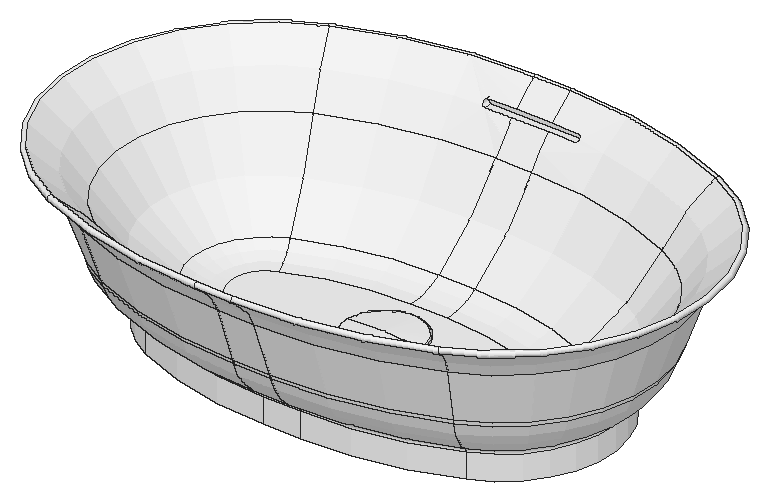
Revit family "Reece_Basin_LAUFEN_The New Classic_Above Counter Basin_550 mm_With Overflow", category Plumbing Fixtures, host Face, Revit 2018
Family settings
  Host = Face
  Round Connector Dimension = Use Diameter
  Part Type = Normal
  Cut with Voids When Loaded = No
  Shared = Yes
  Room Calculation Point = Yes
Parameters
  WFU = 0  # constant formula
  URL = "https://www.reece.com.au/product/-1804851"
  Type Comments = "Basin"
  Reece_Product_Web Page = "https://www.reece.com.au/product/-1804851"
  Reece_Product_Type = "Basin"  # constant formula
  Reece_Product_Sub Brand = "The New Classic"  # constant formula
  Reece_Product_Number = "1804851"
  Reece_Product_Mount = "Above Counter"
  Reece_Product_Description = "LAUFEN The New Classic Above Counter Basin with Overflow 550mm x 380mm"
  Reece_Product_Brand = "LAUFEN"  # constant formula
  Reece_Overall_Width = 550 mm  # constant formula
  Reece_Overall_Length = 380 mm  # constant formula
  Reece_Overall_Height = 145 mm  # constant formula
  Reece_Overall_Capacity = 7.50 L  # constant formula
  Reece_Material-Main = Reece_SaphirKeramik_White
  Reece_Detail_Installation = "Above Counter Basin"  # constant formula
  Reece_Detail_Disclaimer = "THIS FILE IS THE PROPERTY OF THE REECE GROUP. IT MAY NOT BE REPRODUCED, REVERSE-ENGINEERED OR MODIFIED. ANY REPUBLICATION, TRANSMISSION OR DISTRIBUTION FOR THE PURPOSE OF COMMERCIALLY EXPLOITING THE FILES IS PROHIBITED."  # constant formula
  Reece_Detail_Connector = "No Taphole"  # constant formula
  Reece_Detail_Additional = "Overflow"  # constant formula
  Reece_Basin_Outlet = 40 mm  # constant formula
  Model = "The New Classic"
  Manufacturer = "LAUFEN"
  Keynote = "Product #1804851, Reece_Basin_LAUFEN_The New Classic_Above Counter Basin_550 mm_With Overflow -  "
  HWFU = 0  # constant formula
  Disclaimer = "THIS FILE IS THE PROPERTY OF THE REECE GROUP. IT MAY NOT BE REPRODUCED, REVERSE-ENGINEERED OR MODIFIED. ANY REPUBLICATION, TRANSMISSION OR DISTRIBUTION FOR THE PURPOSE OF COMMERCIALLY EXPLOITING THE FILES IS PROHIBITED."  # constant formula
  Description = "LAUFEN The New Classic Above Counter Basin with Overflow 550mm x 380mm"
  Default Elevation = 1000 mm
  CWFU = 0  # constant formula
Types (2, lengths in mm): name | Keynote
  (no name) | "Product #1804851, Reece_Basin_LAUFEN_The New Classic_Above Counter Basin_550 mm_With Overflow -  "
  No Taphole_SaphirKeramik_White | "Product #1804851, Reece_Basin_LAUFEN_The New Classic_Above Counter Basin_550 mm_With Overflow - No Taphole_SaphirKeramik_White"
Reference planes
  plane 1 "Center (Front/Back)": y = -79.125
  plane 2 "Bottom": z = 0
  plane 3 "Center (Left/Right)": x = 0
  plane 4: y = 110.875
  plane 5: x = 275
  plane 6: x = -275
  plane 7: y = -269.125
  plane 8 "Top": z = 145
  plane 9: z = 5
  plane 10: z = 25
Forms (mm)
  Extrusion 1, void
    sketch origin (0, 0, 0) x (1, 0, 0) y (0, 1, 0)
      loop
        circle (0.403, -79.125) r 75
    from -56.848 to 42.32
  Sweep 2, solid, material "Reece_SaphirKeramik_White" <- "Reece_Material-Main"
    path origin (0, 0, 5) x (1, 0, 0) y (0, 1, 0)
      loop
        arc (173.29, -235.744) -> (275, -79.125) -> (173.29, 77.495) r 171.441
        arc (173.29, 77.495) -> (96.523, 102.438) -> (16.247, 110.875) r 386.104
        line (16.247, 110.875) -> (-16.247, 110.875)
        arc (-16.247, 110.875) -> (-96.523, 102.438) -> (-173.29, 77.495) r 386.104
        arc (-173.29, 77.495) -> (-275, -79.125) -> (-173.29, -235.744) r 171.441
        arc (-173.29, -235.744) -> (-96.523, -260.687) -> (-16.247, -269.125) r 386.104
        line (-16.247, -269.125) -> (16.247, -269.125)
        arc (16.247, -269.125) -> (96.523, -260.687) -> (173.29, -235.744) r 386.104
    profile origin (275, -79.125, 5) x (-1, 0, 0) y (0, 0, 1)
      loop
        arc (1.067, 135.706) -> (15.231, 123.492) -> (25.538, 107.887) r 68.104
        arc (25.538, 107.887) -> (35.149, 84.814) -> (42.346, 60.878) r 243.744
        arc (42.346, 60.878) -> (42.831, 59.053) -> (43.384, 57.247) r 50
        arc (43.384, 57.247) -> (55.149, 36.145) -> (73.97, 20.996) r 63.225
        arc (73.97, 20.996) -> (75.918, 19.156) -> (76.637, 16.574) r 5
        line (76.637, 16.574) -> (76.637, -5) -> (152.951, -5) -> (152.951, 18.946) -> (140.346, 18.946)
        arc (140.346, 18.946) -> (124.207, 21.367) -> (109.489, 28.417) r 55
        arc (109.489, 28.417) -> (74.612, 57.708) -> (46.461, 93.511) r 221.606
        arc (46.461, 93.511) -> (27.226, 118.507) -> (3.724, 139.541) r 170.804
        arc (3.724, 139.541) -> (0.415, 138.995) -> (1.067, 135.706) r 2.334
  Extrusion 3, solid, material "Reece_SaphirKeramik_White" <- "Reece_Material-Main"
    sketch origin (0, 0, 5) x (1, 0, 0) y (0, 1, 0)
      loop
        arc (-111.079, -96.017) -> (-64.723, -111.079) -> (-16.247, -116.174) r 233.153
        line (-16.247, -116.174) -> (16.247, -116.174)
        arc (16.247, -116.174) -> (64.723, -111.079) -> (111.079, -96.017) r 233.153
        arc (111.079, -96.017) -> (122.049, -79.125) -> (111.079, -62.233) r 18.491
        arc (111.079, -62.233) -> (64.723, -47.17) -> (16.247, -42.075) r 233.153
        line (16.247, -42.075) -> (-16.247, -42.075)
        arc (-16.247, -42.075) -> (-64.723, -47.17) -> (-111.079, -62.233) r 233.153
        arc (-111.079, -62.233) -> (-122.049, -79.125) -> (-111.079, -96.017) r 18.491
    from -5 to 18.946
  Revolve 4, void
    sketch origin (0, -79.125, 5) x (1, 0, 0) y (0, 0, 1)
      loop
        line (0, -5) -> (0, 20) -> (-32.992, 20)
        arc (-32.992, 20) -> (-27.701, 15.911) -> (-23.598, 10.63) r 26.581
        arc (-23.598, 10.63) -> (-22.344, 7.669) -> (-21.915, 4.482) r 12.071
        line (-21.915, 4.482) -> (-21.915, -5) -> (0, -5)
      axis (0, 20) -> (0, -5)
    angle from 0 to 360
  Extrusion 5, void
    sketch origin (0, -79.125, -2.5) x (1, 0, 0) y (0, 0, 1)
      loop
        arc (-40, 130.108) -> (-42.5, 127.608) -> (-40, 125.108) r 2.5
        line (-40, 125.108) -> (40, 125.108)
        arc (40, 125.108) -> (42.5, 127.608) -> (40, 130.108) r 2.5
        line (40, 130.108) -> (-40, 130.108)
    from -168.355 to -157.712
  Revolve 6, solid, material "Reece_SaphirKeramik_White" <- "Reece_Material-Main"
    sketch origin (170, -79.125, -887.882) x (1, 0, 0) y (0, 0, 1)
      loop
        line (-170, 887.882) -> (-170, 918.149)
        arc (-170, 918.149) -> (-186.184, 917.667) -> (-202.269, 915.812) r 190.453
        arc (-202.269, 915.812) -> (-202.961, 915.424) -> (-203.236, 914.679) r 1.147
        line (-203.236, 914.679) -> (-203.236, 913.198) -> (-199.924, 913.198) -> (-190.773, 908.931) -> (-190.773, 887.882) -> (-170, 887.882)
      axis (-170, 918.149) -> (-170, 887.882)
    angle from 0 to 360
Cuts and joins
  Extrusion 5 cuts Sweep 2
  Revolve 4 cuts Extrusion 3
  joined: Sweep 2, Extrusion 3
Text (mm)
  text "Reece Copyright © 2018, Reece Ltd." at (-902.343, -740.328, 0), in view "Ref. Level"
  text "Reece ©" at (44.384, 258.95, 192.345), in view "Reece Preview"
Dimensions and locks
  equal spacing: plane 6, plane 3 "Center (Left/Right)", plane 5
  "Reece_Overall_Width": plane 6 to plane 5
  "Reece_Overall_Length": plane 4 to plane 7
  equal spacing: plane 4, plane 1 "Center (Front/Back)", plane 7
  plane 4 to plane 1 "Center (Front/Back)" = 190 mm
  plane 8 "Top" to plane 10 = 120 mm  (x3)
  "Reece_Overall_Height": host face to plane 8 "Top"
  plane 10 to plane 8 "Top" = 120 mm
  plane 5 to plane 6 = 550 mm
  "Reece_Overall_Height": plane 8 "Top" to plane 2 "Bottom"
  plane 4 to plane 7 = 380 mm
  plane 6 to plane 5 = 550 mm
  aligned and locked: host face to plane 2 "Bottom"
  aligned and locked: level to host face
Automatic sketch dimensions
  host sketch curve to host sketch curve = 801.051 mm
  host sketch curve to host sketch curve = 660.299 mm
  plane 1 "Center (Front/Back)" to Extrusion 1 sketch curve = 0 mm
  plane 3 "Center (Left/Right)" to Extrusion 1 sketch curve = 0.403 mm
  plane 1 "Center (Front/Back)" to Sweep 2 sketch curve = 0 mm  (x2)
  plane 7 to Sweep 2 sketch curve = 0 mm
  Sweep 2 sketch curve to plane 4 = 0 mm
  Sweep 2 sketch curve to plane 3 "Center (Left/Right)" = 103.559 mm
  plane 4 to Sweep 2 sketch curve = 6.104 mm  (x2)
  Sweep 2 sketch curve to plane 3 "Center (Left/Right)" = 16.247 mm
  Sweep 2 sketch curve to Sweep 2 sketch curve = 0 mm  (x10)
  plane 3 "Center (Left/Right)" to Sweep 2 sketch curve = 16.247 mm
  plane 3 "Center (Left/Right)" to Sweep 2 sketch curve = 103.559 mm
  plane 7 to Sweep 2 sketch curve = 6.104 mm  (x2)
  plane 1 "Center (Front/Back)" to Extrusion 3 sketch curve = 0 mm  (x2)
  Extrusion 3 sketch curve to plane 3 "Center (Left/Right)" = 103.559 mm
  Extrusion 3 sketch curve to plane 3 "Center (Left/Right)" = 16.247 mm  (x2)
  plane 4 to Extrusion 3 sketch curve = 6.104 mm  (x2)
  plane 3 "Center (Left/Right)" to Extrusion 3 sketch curve = 16.247 mm  (x2)
  Extrusion 3 sketch curve to Extrusion 3 sketch curve = 87.311 mm
  plane 1 "Center (Front/Back)" to Extrusion 3 sketch curve = 37.049 mm
  plane 7 to Extrusion 3 sketch curve = 6.104 mm  (x2)
  Extrusion 3 sketch curve to plane 1 "Center (Front/Back)" = 37.049 mm
  Extrusion 3 sketch curve to Extrusion 3 sketch curve = 0 mm  (x2)
  Extrusion 5 sketch curve to plane 8 "Top" = 17.392 mm
  Extrusion 5 sketch curve to plane 3 "Center (Left/Right)" = 40 mm
  plane 3 "Center (Left/Right)" to Extrusion 5 sketch curve = 40 mm
  Extrusion 5 sketch curve to Extrusion 5 sketch curve = 2.5 mm
  Revolve 4 sketch curve to plane 10 = 0 mm
  Revolve 4 sketch curve to level = 0 mm
  Revolve 4 sketch curve to plane 3 "Center (Left/Right)" = 0 mm  (x2)
  plane 9 to Revolve 4 sketch curve = 4.482 mm
  Revolve 4 sketch curve to plane 3 "Center (Left/Right)" = 21.915 mm
  Revolve 4 sketch curve to Revolve 4 sketch curve = 11.077 mm
  Revolve 4 sketch curve to Revolve 4 sketch curve = 12.071 mm
  level to Revolve 4 sketch curve = 2.091 mm
  Revolve 4 sketch curve to Revolve 4 sketch curve = 12.486 mm
  plane 9 to Revolve 4 sketch curve = 8.318 mm
  plane 10 to Revolve 4 sketch curve = 1.037 mm
  Revolve 6 sketch curve to level = 0 mm
  Revolve 6 sketch curve to plane 3 "Center (Left/Right)" = 0 mm  (x2)
  Revolve 6 sketch curve to plane 3 "Center (Left/Right)" = 2.426 mm
  plane 10 to Revolve 6 sketch curve = 3.951 mm
  Revolve 6 sketch curve to plane 3 "Center (Left/Right)" = 20.773 mm
  Revolve 6 sketch curve to plane 10 = 0.316 mm
  Revolve 6 sketch curve to Revolve 6 sketch curve = 9.151 mm
  Revolve 6 sketch curve to Revolve 6 sketch curve = 2.165 mm
  Revolve 6 sketch curve to Revolve 6 sketch curve = 1.147 mm
  Revolve 6 sketch curve to level = 160.171 mm
  Revolve 6 sketch curve to Revolve 6 sketch curve = 1.481 mm
  Revolve 6 sketch curve to plane 10 = 5.267 mm
  plane 10 to Revolve 6 sketch curve = 6.632 mm
  Revolve 6 sketch curve to Revolve 6 sketch curve = 0 mm
  profile plane to Sweep 2 sketch curve = 2.751 mm
  profile plane to Sweep 2 sketch curve = 194.366 mm
  profile plane to Sweep 2 sketch curve = 2.292 mm
  Sweep 2 sketch curve to Sweep 2 sketch curve = 96.421 mm
  profile plane to Sweep 2 sketch curve = 35.905 mm
  Sweep 2 sketch curve to profile plane = 2.334 mm
  profile plane to Sweep 2 sketch curve = 16.574 mm
  Sweep 2 sketch curve to profile plane = 71.637 mm
  Sweep 2 sketch curve to Sweep 2 sketch curve = 5 mm
  Sweep 2 sketch curve to Sweep 2 sketch curve = 14.267 mm
  Sweep 2 sketch curve to Sweep 2 sketch curve = 12.569 mm
  Sweep 2 sketch curve to Sweep 2 sketch curve = 36.873 mm
  Sweep 2 sketch curve to Sweep 2 sketch curve = 12.605 mm
  Sweep 2 sketch curve to Sweep 2 sketch curve = 93.472 mm
  Sweep 2 sketch curve to profile plane = 5 mm
  profile plane to Sweep 2 sketch curve = 18.946 mm
  Sweep 2 sketch curve to Sweep 2 sketch curve = 56.228 mm
  Sweep 2 sketch curve to Sweep 2 sketch curve = 1.144 mm
  Sweep 2 sketch curve to Sweep 2 sketch curve = 4.114 mm
  profile plane to Sweep 2 sketch curve = 78.511 mm
  Sweep 2 sketch curve to Sweep 2 sketch curve = 59.155 mm
  Sweep 2 sketch curve to Sweep 2 sketch curve = 137.915 mm
  Sweep 2 sketch curve to profile plane = 1.067 mm
  radius of Extrusion 1 sketch curve = 75 mm
Connectors
  piping at (0, -79.125, 0), diameter 40, driven by "Reece_Basin_Outlet"
    settings: on Revolve 6, index 1, connector inside diameter 609.6 mm, connector length 0 mm, flow factor 0, pipe flow 0.0 L/s, pressure drop 0.0 Pa, fitting loss kfactor 0, connector angle 0.00°, fixture units 0, engagement length 0 mm, angle of deflection 0.00°, flow configuration 0, flow direction 2, fitting loss method 0, system type 16, joint type 0, gender type 0, connector reference index -1, connector utility 0, adjustable connector no, is connector primary yes, connector description ""
